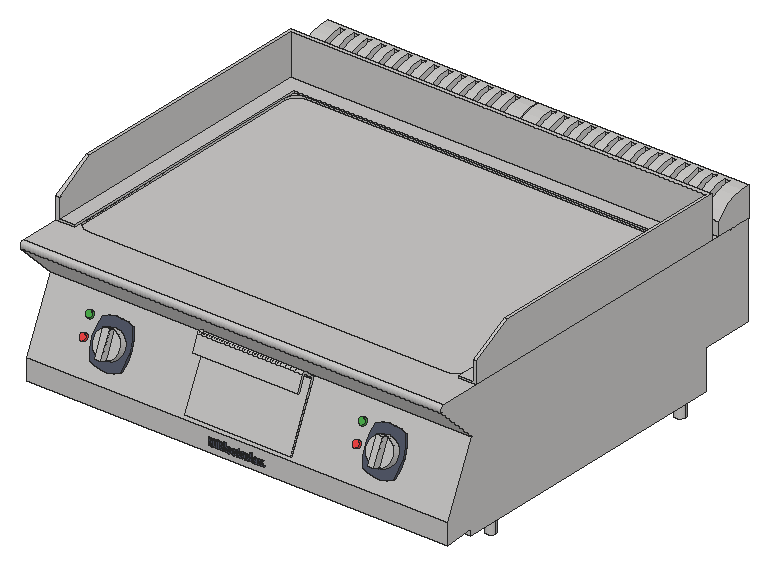
Revit family "QF_ELECTROLUXPROFESSIONAL_371201_E7FTEHCPIN", category Specialty Equipment, Revit 2018 (continued)
Automatic sketch dimensions
  Extrusion 21 sketch curve to Extrusion 21 sketch curve = 0.069 mm
  Extrusion 21 sketch curve to Extrusion 21 sketch curve = 1.88 mm
  Extrusion 21 sketch curve to Extrusion 21 sketch curve = 0.42 mm
  Extrusion 21 sketch curve to Extrusion 21 sketch curve = 0.062 mm
  Extrusion 21 sketch curve to Extrusion 21 sketch curve = 1.355 mm
  Extrusion 21 sketch curve to Extrusion 21 sketch curve = 2.34 mm
  Extrusion 21 sketch curve to Extrusion 21 sketch curve = 0.493 mm
  Extrusion 21 sketch curve to Extrusion 21 sketch curve = 0.136 mm
  Extrusion 21 sketch curve to Extrusion 21 sketch curve = 0.128 mm
  Extrusion 21 sketch curve to Extrusion 21 sketch curve = 3.616 mm
  Extrusion 21 sketch curve to Extrusion 21 sketch curve = 4.207 mm
  Extrusion 21 sketch curve to Extrusion 21 sketch curve = 0.183 mm
  Extrusion 21 sketch curve to Extrusion 21 sketch curve = 0.895 mm
  Extrusion 21 sketch curve to Extrusion 21 sketch curve = 1.314 mm
  Extrusion 21 sketch curve to Extrusion 21 sketch curve = 3.231 mm
  Extrusion 21 sketch curve to Extrusion 21 sketch curve = 1.299 mm
  Extrusion 21 sketch curve to Extrusion 21 sketch curve = 1.214 mm
  Extrusion 21 sketch curve to Extrusion 21 sketch curve = 1.264 mm
  Extrusion 21 sketch curve to Extrusion 21 sketch curve = 0.109 mm
  Extrusion 21 sketch curve to Extrusion 21 sketch curve = 0.357 mm
  Extrusion 21 sketch curve to Extrusion 21 sketch curve = 0.565 mm
  Extrusion 21 sketch curve to Extrusion 21 sketch curve = 2.504 mm
  Extrusion 21 sketch curve to Extrusion 21 sketch curve = 2.459 mm
  Extrusion 21 sketch curve to Extrusion 21 sketch curve = 1.322 mm
  Extrusion 21 sketch curve to Extrusion 21 sketch curve = 2.77 mm
  Extrusion 21 sketch curve to Extrusion 21 sketch curve = 2.51 mm
  Extrusion 21 sketch curve to Extrusion 21 sketch curve = 0.187 mm
  Extrusion 21 sketch curve to Extrusion 21 sketch curve = 2.559 mm
  Extrusion 21 sketch curve to Extrusion 21 sketch curve = 1.556 mm
  Extrusion 21 sketch curve to Extrusion 21 sketch curve = 0.222 mm
  Extrusion 21 sketch curve to Extrusion 21 sketch curve = 1.383 mm
  Extrusion 21 sketch curve to Extrusion 21 sketch curve = 3.114 mm
  Extrusion 21 sketch curve to Extrusion 21 sketch curve = 3.376 mm
  Extrusion 21 sketch curve to Extrusion 21 sketch curve = 0.934 mm
  Extrusion 21 sketch curve to Extrusion 21 sketch curve = 0.191 mm
  Extrusion 21 sketch curve to Extrusion 21 sketch curve = 3.696 mm
  Extrusion 21 sketch curve to Extrusion 21 sketch curve = 2.708 mm
  Extrusion 21 sketch curve to Extrusion 21 sketch curve = 3.333 mm
  Extrusion 21 sketch curve to Extrusion 21 sketch curve = 0.332 mm
  Extrusion 21 sketch curve to Extrusion 21 sketch curve = 1.087 mm
  Extrusion 21 sketch curve to Extrusion 21 sketch curve = 2.23 mm
  Extrusion 21 sketch curve to Extrusion 21 sketch curve = 2.757 mm
  Extrusion 21 sketch curve to Extrusion 21 sketch curve = 0.987 mm
  Extrusion 21 sketch curve to Extrusion 21 sketch curve = 1.529 mm
  Extrusion 21 sketch curve to Extrusion 21 sketch curve = 1.796 mm
  Extrusion 21 sketch curve to Extrusion 21 sketch curve = 2.859 mm
  Extrusion 21 sketch curve to Extrusion 21 sketch curve = 0.853 mm
  Extrusion 21 sketch curve to Extrusion 21 sketch curve = 1.241 mm
  Extrusion 21 sketch curve to Extrusion 21 sketch curve = 2.046 mm  (x2)
  Extrusion 21 sketch curve to Extrusion 21 sketch curve = 2.422 mm
  Extrusion 21 sketch curve to Extrusion 21 sketch curve = 0.27 mm  (x2)
  Extrusion 21 sketch curve to Extrusion 21 sketch curve = 0.69 mm
  Extrusion 21 sketch curve to Extrusion 21 sketch curve = 0.781 mm  (x2)
  Extrusion 21 sketch curve to Extrusion 21 sketch curve = 3.136 mm
  Extrusion 21 sketch curve to Extrusion 21 sketch curve = 1.767 mm
  Extrusion 21 sketch curve to Extrusion 21 sketch curve = 0.138 mm
  Extrusion 21 sketch curve to Extrusion 21 sketch curve = 0.777 mm
  Extrusion 21 sketch curve to Extrusion 21 sketch curve = 1.19 mm
  Extrusion 21 sketch curve to Extrusion 21 sketch curve = 0.782 mm
  Extrusion 21 sketch curve to Extrusion 21 sketch curve = 1.268 mm
  Extrusion 21 sketch curve to Extrusion 21 sketch curve = 0.422 mm  (x2)
  Extrusion 21 sketch curve to Extrusion 21 sketch curve = 1.559 mm
  Extrusion 21 sketch curve to Extrusion 21 sketch curve = 3.927 mm
  Extrusion 21 sketch curve to Extrusion 21 sketch curve = 0.983 mm
  Extrusion 21 sketch curve to Extrusion 21 sketch curve = 1.134 mm
  Extrusion 21 sketch curve to Extrusion 21 sketch curve = 0.094 mm
  plane 7 "Center Y" to Extrusion 21 sketch curve = 1.575 mm
  Extrusion 21 sketch curve to Extrusion 21 sketch curve = 1.501 mm
  Extrusion 21 sketch curve to Extrusion 21 sketch curve = 1.808 mm
  Extrusion 21 sketch curve to Extrusion 21 sketch curve = 0.643 mm
  Extrusion 21 sketch curve to Extrusion 21 sketch curve = 0.916 mm
  Extrusion 21 sketch curve to Extrusion 21 sketch curve = 0.352 mm
  Extrusion 21 sketch curve to Extrusion 21 sketch curve = 0.458 mm
  Extrusion 21 sketch curve to Extrusion 21 sketch curve = 1.282 mm
  Extrusion 21 sketch curve to Extrusion 21 sketch curve = 1.363 mm
  Extrusion 21 sketch curve to Extrusion 21 sketch curve = 0.685 mm
  Extrusion 21 sketch curve to Extrusion 21 sketch curve = 0.905 mm
  Extrusion 21 sketch curve to Extrusion 21 sketch curve = 2.865 mm
  Extrusion 21 sketch curve to Extrusion 21 sketch curve = 0.472 mm
  Extrusion 21 sketch curve to Extrusion 21 sketch curve = 0.101 mm
  Extrusion 21 sketch curve to Extrusion 21 sketch curve = 0.54 mm
  Extrusion 21 sketch curve to Extrusion 21 sketch curve = 0.02 mm
  Extrusion 21 sketch curve to Extrusion 21 sketch curve = 0.468 mm
  Extrusion 21 sketch curve to Extrusion 21 sketch curve = 0.829 mm
  Extrusion 21 sketch curve to Extrusion 21 sketch curve = 0.582 mm
  Extrusion 21 sketch curve to Extrusion 21 sketch curve = 0.166 mm
  Extrusion 21 sketch curve to Extrusion 21 sketch curve = 0.16 mm
  Extrusion 21 sketch curve to Extrusion 21 sketch curve = 2.781 mm
  Extrusion 21 sketch curve to Extrusion 21 sketch curve = 1.118 mm
  Extrusion 21 sketch curve to Extrusion 21 sketch curve = 0.613 mm
  Extrusion 21 sketch curve to Extrusion 21 sketch curve = 0.361 mm
  Extrusion 21 sketch curve to Extrusion 21 sketch curve = 0.897 mm
  Extrusion 21 sketch curve to Extrusion 21 sketch curve = 0.167 mm
  Extrusion 21 sketch curve to Extrusion 21 sketch curve = 0.292 mm
  Extrusion 21 sketch curve to Extrusion 21 sketch curve = 0.305 mm
  Extrusion 21 sketch curve to Extrusion 21 sketch curve = 1.557 mm
  Extrusion 21 sketch curve to Extrusion 21 sketch curve = 2.499 mm
  Extrusion 21 sketch curve to Extrusion 21 sketch curve = 3.062 mm
  Extrusion 21 sketch curve to Extrusion 21 sketch curve = 2.968 mm
  Extrusion 21 sketch curve to Extrusion 21 sketch curve = 5.044 mm
  Extrusion 21 sketch curve to Extrusion 21 sketch curve = 0.629 mm  (x2)
  Extrusion 21 sketch curve to Extrusion 21 sketch curve = 1.131 mm
  Extrusion 21 sketch curve to Extrusion 21 sketch curve = 0.137 mm
  Extrusion 21 sketch curve to Extrusion 21 sketch curve = 0.027 mm
  Extrusion 21 sketch curve to Extrusion 21 sketch curve = 2.235 mm
  plane 1 "BACK" to Extrusion 23 sketch curve = 6.761 mm  (x14)
  Extrusion 23 sketch curve to Extrusion 23 sketch curve = 57.15 mm
  Extrusion 23 sketch curve to Extrusion 23 sketch curve = 0 mm  (x13)
  plane 3 "LEFT" to Extrusion 23 sketch curve = 29.703 mm
  Extrusion 23 sketch curve to Extrusion 23 sketch curve = 9.296 mm  (x14)
  Extrusion 23 sketch curve to Extrusion 23 sketch curve = 16.193 mm  (x13)
  Extrusion 9 sketch curve to Extrusion 9 sketch curve = 0 mm  (x2)
  Extrusion 9 sketch curve to plane 5 "FRONT" = 16.776 mm
  Extrusion 9 sketch curve to Extrusion 9 sketch curve = 2.884 mm  (x3)
  Extrusion 9 sketch curve to plane 5 "FRONT" = 34.179 mm
  Extrusion 9 sketch curve to Extrusion 9 sketch curve = 12.662 mm
  Extrusion 9 sketch curve to Extrusion 9 sketch curve = 1.711 mm
  Extrusion 9 sketch curve to Extrusion 9 sketch curve = 1.332 mm
  Extrusion 9 sketch curve to Extrusion 9 sketch curve = 2.245 mm
  Extrusion 9 sketch curve to Extrusion 9 sketch curve = 14.843 mm
  Extrusion 9 sketch curve to Extrusion 9 sketch curve = 3.809 mm
  plane 9 "BASE" to Extrusion 9 sketch curve = 52.105 mm
  Extrusion 9 sketch curve to Extrusion 9 sketch curve = 1.327 mm  (x2)
  Extrusion 9 sketch curve to Extrusion 9 sketch curve = 13.211 mm
  Extrusion 9 sketch curve to Extrusion 9 sketch curve = 0.787 mm
  plane 5 "FRONT" to curve 3 = 0 mm
  curve 14 to plane 4 "RIGHT" = 0 mm
  curve 13 to plane 3 "LEFT" = 0 mm
  plane 5 "FRONT" to curve 1 = 0 mm
  plane 1 "BACK" to curve 5 = 0 mm
  plane 5 "FRONT" to curve 5 = 0 mm
  plane 4 "RIGHT" to curve 3 = 150.019 mm
  curve 19 to plane 4 "RIGHT" = 6.35 mm
  plane 11 to curve 10 = 21.6 mm
  curve 10 to plane 4 "RIGHT" = 35.025 mm
  curve 10 to curve 10 = 25.4 mm
  curve 11 to curve 16 = 26.421 mm
  plane 12 to curve 15 = 0.647 mm
  plane 3 "LEFT" to curve 15 = 60.425 mm
  curve 21 to curve 9 = 60.425 mm
  curve 8 to curve 7 = 25.4 mm
  curve 17 to curve 9 = 6.35 mm
  curve 2 to plane 3 "LEFT" = 150.019 mm
  curve 2 to plane 1 "BACK" = 150.019 mm
  curve 13 to curve 7 = 53.035 mm
  curve 13 to curve 17 = 24.36 mm
  curve 10 to curve 20 = 25.4 mm
  curve 8 to curve 9 = 25.4 mm
  radius of Extrusion 12 sketch curve = 25.4 mm
  radius of Extrusion 13 sketch curve to Extrusion 12 = 0 mm  (x2)
  radius of Extrusion 15 sketch curve = 25.4 mm
  radius of Extrusion 16 sketch curve to Extrusion 15 = 0 mm  (x2)
  radius of Extrusion 3 sketch curve = 9.525 mm  (x4)
  radius of Extrusion 4 sketch curve = 12.7 mm
  radius of Extrusion 17 sketch curve = 6.35 mm
  radius of Extrusion 18 sketch curve = 6.35 mm
  radius of Extrusion 19 sketch curve = 6.35 mm
  radius of Extrusion 20 sketch curve = 6.35 mm
Connectors
  electrical at (749.3, -98.425, 57.718), driven by "Volts", driven by "Watts"
    settings: on Extrusion 4, index 1, voltage 230 V, apparent load 7800 VA, apparent load phase1 0 VA, apparent load phase2 0 VA, apparent load phase3 0 VA, power factor 1, load classification "Other", number of poles 1, system type 30, power factor state 1, is connector primary yes, connector utility no, sub classification motor no, connector description "Electrical Connection"
